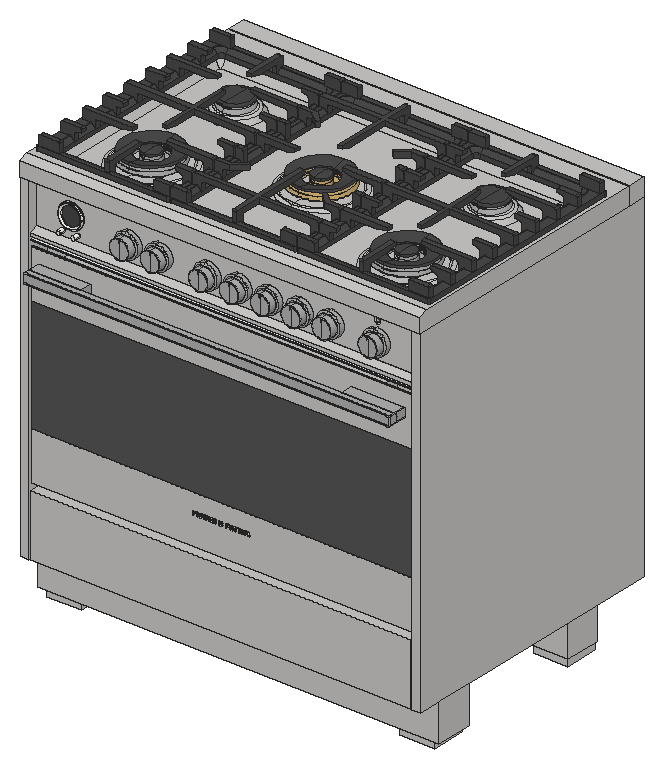
Revit family "FP_Revit_18_OR36SDG6X1_Range_90001022A", category Specialty Equipment, Revit 2018
Family settings
  Round Connector Dimension = Use Diameter
  Part Type = Normal
  OmniClass Number = 23.40.40.14.17.17
  OmniClass Title = Ranges
  Work Plane-Based = No
  Always vertical = Yes
  Cut with Voids When Loaded = Yes
  Shared = No
  Room Calculation Point = No
Parameters
  Visibility - Toe Kick Panel (Optional) = yes
  Visibility - Rear Trim 3"/76mm (Optional) = no
  Visibility - Rear Trim (Supplied) = yes
  Visibility - Clearance Required = yes
  Visibility - Adjustable Feet Covers = yes
  URL = "www.fisherpaykel.com"
  Product - Width = 911 mm  # constant formula
  Product - Height = 915 mm  # constant formula
  Product - Depth = 679.2 mm  # constant formula
  Optional - Toe Kick Panel = "KICKOR36X1"
  Optional - Rear Trim = "TKOR366X1"
  Model = "OR36SDG6X1"
  Material - Trim = Fisher & Paykel - Steel, Chrome Plated
  Material - Handle = Fisher & Paykel - Aluminium
  Material - Glass = Fisher & Paykel - Glass, Black
  Material - Door Front = Fisher & Paykel - Stainless Steel
  Material - Buttons and Dials = Fisher & Paykel - Aluminium
  Material - Burners & Trivets = Fisher & Paykel - Black, Matte
  Material - Body = Fisher & Paykel - Stainless Steel
  Manufacturer = "Fisher & Paykel Appliances"
  Keynote = ""
  Description = "36\" Contemporary Freestanding Dual Fuel Range (Stainless)"
  Countertop Height (min 908mm - max 933mm) = 908 mm
  Connector Description - Gas = "NG 1kPa (4\" WC), LPG 2.75 kPa (11\" WC), 1/2” NPT Minimum 5/8” dia. flex line"
  Connector Description - Electrical = "120/208 V or 120/240 V, 60 Hz, 30 A, Fused electrical supply"
  Clearance - Side Combustible = 300 mm  # constant formula
  Clearance - Rear Combustible = 300 mm  # constant formula
  Clearance - Overhead Rangehood = 762 mm  # constant formula
  Clearance - Overhead Non-Combustible = 762 mm  # constant formula
  Clearance - Overhead Combustible = 915 mm  # constant formula
  Chassis - Width = 911 mm  # constant formula
  Chassis - Height = 813.6 mm  # constant formula
  Chassis - Depth = 639 mm  # constant formula
  Cavity - Width = 914 mm  # constant formula
  Cavity - Height = 0 mm  # constant formula
  Cavity - Depth = 641 mm  # constant formula
Reference planes
  plane 1 "Datum": y = 0
  plane 2: z = 0
  plane 3 "Center (Left/Right)": x = 0
  plane 4 "Product Height": z = 916
  plane 5 "Product LHS": x = -455.5
  plane 6 "Product RHS": x = 455.5
  plane 7 "Cavity LHS": x = -457
  plane 8 "Cavity RHS": x = 457
  plane 9 "Product Depth": y = 639
  plane 10 "Cavity Depth": y = 641
  plane 11 "Dials": z = 813.4
  plane 12 "Countertop Height": z = 908
Forms (mm)
  Extrusion 1, solid, material "Fisher & Paykel - Stainless Steel" <- "Material - Body"
    sketch origin (0, 0, 0) x (0, 1, 0) y (0, 0, 1)
      loop
        line (50.7, 876) -> (50.7, 102.4) -> (566.5, 102.4) -> (566.5, 876) -> (50.7, 876)
    from -435.7 to 435.7
  Extrusion 2, solid, material "Fisher & Paykel - Stainless Steel" <- "Material - Body"
    sketch origin (0, 0, 0) x (0, 1, 0) y (0, 0, 1)
      loop
        line (19, 876) -> (19, 775.4) -> (50.7, 775.4) -> (50.7, 876) -> (19, 876)
    from -435.7 to 435.7
  Extrusion 3, solid, material "Fisher & Paykel - Stainless Steel" <- "Material - Body"
    sketch origin (0, 0, 0) x (0, 1, 0) y (0, 0, 1)
      loop
        line (31.59, 243.4) -> (1.5, 243.4) -> (1.5, 102.4) -> (31.59, 102.4) -> (31.59, 243.4)
    from -432 to 432
  Extrusion 4, solid, material "Fisher & Paykel - Clearance Required", visible <- "Visibility - Clearance Required", detail levels coarse
    sketch origin (0, 0, 0) x (0, 1, 0) y (0, 0, 1)
      loop
        line (0, 259.1) -> (0, 740.098)
        arc (0, 740.098) -> (-340.117, 599.217) -> (-480.998, 259.1) r 480.998
        line (-480.998, 259.1) -> (0, 259.1)
    from -457 to 457
  Extrusion 5, solid, material "Fisher & Paykel - Clearance Required", visible <- "Visibility - Clearance Required", detail levels coarse
    sketch origin (0, 0, 0) x (0, 1, 0) y (0, 0, 1)
      loop
        line (641, 0) -> (641, 916) -> (0, 916) -> (0, 0) -> (641, 0)
    from -457 to 457
  Extrusion 6, solid, material "Fisher & Paykel - Clearance Required (Combustible)", visible <- "Visibility - Clearance Required", detail levels coarse
    sketch origin (0, 0, 0) x (1, 0, 0) y (0, 1, 0)
      loop
        line (-457, 0) -> (-457, 641) -> (457, 641) -> (457, 0) -> (757, 0) -> (757, 941) -> (-757, 941) -> (-757, 0) -> (-457, 0)
    from 916 to 1373
  Extrusion 7, solid, material "Fisher & Paykel - Clearance Required (Combustible)", visible <- "Visibility - Clearance Required", detail levels coarse
    sketch origin (0, 0, 0) x (1, 0, 0) y (0, 1, 0)
      loop
        line (-457, 0) -> (457, 0) -> (457, 641) -> (-457, 641) -> (-457, 0)
    from 1831 to 1678
  Extrusion 8, solid, material "Fisher & Paykel - Clearance Required (Non-Combustible)", visible <- "Visibility - Clearance Required", detail levels coarse
    sketch origin (0, 0, 0) x (1, 0, 0) y (0, 1, 0)
      loop
        line (457, 641) -> (-457, 641) -> (-457, 0) -> (457, 0) -> (457, 641)
    from 916 to 1678
  Extrusion 9, solid, material "Fisher & Paykel - Clearance Required (Combustible)", visible <- "Visibility - Clearance Required", detail levels coarse
    sketch origin (0, 0, 0) x (1, 0, 0) y (0, 1, 0)
      loop
        line (-757, 0) -> (-457, 0) -> (-457, 311) -> (-757, 311) -> (-757, 0)
      loop
        line (757, 0) -> (757, 311) -> (457, 311) -> (457, 0) -> (757, 0)
    from 1373 to 1831
  Extrusion 10, solid, material "Fisher & Paykel - Stainless Steel" <- "Material - Body"
    sketch origin (0, 0, 0) x (0, 1, 0) y (0, 0, 1)
      loop
        line (0, 876) -> (0, 102.4) -> (634.5, 102.4) -> (634.5, 876) -> (0, 876)
    from 435.7 to 455.5
  Extrusion 11, solid, material "Fisher & Paykel - Stainless Steel" <- "Material - Body"
    sketch origin (0, 0, 0) x (0, 1, 0) y (0, 0, 1)
      loop
        line (0, 876) -> (0, 102.4) -> (634.5, 102.4) -> (634.5, 876) -> (0, 876)
    from -455.5 to -435.7
  Extrusion 12, solid, material "Fisher & Paykel - Stainless Steel" <- "Material - Body"
    sketch origin (0, 0, 0) x (0, 1, 0) y (0, 0, 1)
      loop
        line (50.7, 775.4) -> (19, 775.4) -> (2, 767.4) -> (2, 760.4) -> (50.7, 760.4) -> (50.7, 775.4)
    from -435.7 to 435.7
  Extrusion 13, solid, material "Fisher & Paykel - Steel, Chrome Plated" <- "Material - Trim", detail levels fine
    sketch origin (0, 0, 0) x (0, 1, 0) y (0, 0, 1)
      loop
        line (1.349, 755.4) -> (1.349, 753.4) -> (50.7, 753.4) -> (50.7, 755.4) -> (1.349, 755.4)
    from -435.7 to 435.7
  Extrusion 14, solid, material "Fisher & Paykel - Stainless Steel" <- "Material - Body"
    sketch origin (0, 0, 0) x (0, 1, 0) y (0, 0, 1)
      loop
        line (-1.5, 907.915) -> (-1.5, 876) -> (593.5, 876) -> (593.5, 916) -> (18.511, 916) -> (-1.5, 907.915)
    from -455.5 to 455.5
  Extrusion 15, solid, material "Fisher & Paykel - Stainless Steel" <- "Material - Body", visible <- "Visibility - Adjustable Feet Covers"
    sketch origin (0, 0, 0) x (1, 0, 0) y (0, 1, 0)
      loop
        line (-360.4, 137.7) -> (-442.5, 137.7) -> (-442.5, 55.7) -> (-360.4, 55.7) -> (-360.4, 137.7)
      loop
        line (-360.4, 516.7) -> (-442.482, 516.7) -> (-442.482, 434.7) -> (-360.4, 434.7) -> (-360.4, 516.7)
      loop
        line (360.4, 137.7) -> (360.4, 55.7) -> (442.5, 55.7) -> (442.5, 137.7) -> (360.4, 137.7)
      loop
        line (360.4, 516.7) -> (360.4, 434.7) -> (442.482, 434.7) -> (442.482, 516.7) -> (360.4, 516.7)
    from 16.7 to 102.4
  Extrusion 16, solid, material "Fisher & Paykel - Stainless Steel" <- "Material - Body", visible <- "Visibility - Adjustable Feet Covers"
    sketch origin (0, 0, 0) x (1, 0, 0) y (0, 1, 0)
      loop
        line (-362.4, 514.7) -> (-440.5, 514.7) -> (-440.5, 436.7) -> (-362.4, 436.7) -> (-362.4, 514.7)
      loop
        line (-362.4, 135.7) -> (-440.5, 135.7) -> (-440.5, 57.7) -> (-362.4, 57.7) -> (-362.4, 135.7)
      loop
        line (362.4, 514.7) -> (362.4, 436.7) -> (440.5, 436.7) -> (440.5, 514.7) -> (362.4, 514.7)
      loop
        line (362.4, 135.7) -> (362.4, 57.7) -> (440.5, 57.7) -> (440.5, 135.7) -> (362.4, 135.7)
    from 0 to 16.7
  Extrusion 17, solid, material "Fisher & Paykel - Stainless Steel" <- "Material - Body", visible <- "Visibility - Toe Kick Panel (Optional)"
    sketch origin (0, 0, 0) x (1, 0, 0) y (0, 1, 0)
      loop
        line (-442.5, 137.7) -> (-455.5, 137.7) -> (-455.5, 50.7) -> (455.5, 50.7) -> (455.5, 137.7) -> (442.5, 137.7) -> (442.5, 55.7) -> (-442.5, 55.7) -> (-442.5, 137.7)
    from 16.7 to 102.4
  Extrusion 18, solid, material "Fisher & Paykel - Glass, Black" <- "Material - Glass"
    sketch origin (0, 0, 0) x (1, 0, 0) y (0, 0, 1)
      loop
        line (-432, 258.5) -> (432, 258.5) -> (432, 740.7) -> (-432, 740.7) -> (-432, 258.5)
    from -7.845 to -3.8
  Extrusion 19, solid, material "Fisher & Paykel - Stainless Steel" <- "Material - Door Front"
    sketch origin (0, 0, 0) x (0, 1, 0) y (0, 0, 1)
      loop
        line (7.845, 738.371) -> (7.845, 266.1) -> (43.8, 266.1) -> (43.8, 734.592) -> (7.845, 738.371)
    from -365 to 365
  Extrusion 20, void
    sketch origin (0, 0, 0) x (1, 0, 0) y (0, 1, 0)
      loop
        arc (-409.8, 531.791) -> (-423.942, 525.933) -> (-429.8, 511.791) r 20
        line (-429.8, 511.791) -> (-429.8, 66.2)
        arc (-429.8, 66.2) -> (-422.478, 48.522) -> (-404.8, 41.2) r 25
        line (-404.8, 41.2) -> (404.8, 41.2)
        arc (404.8, 41.2) -> (422.478, 48.522) -> (429.8, 66.2) r 25
        line (429.8, 66.2) -> (429.8, 505.59)
        arc (429.8, 505.59) -> (422.126, 524.117) -> (403.6, 531.791) r 26.2
        line (403.6, 531.791) -> (-409.8, 531.791)
    from 876 to 916
  Extrusion 21, solid, material "Fisher & Paykel - Stainless Steel" <- "Material - Body", visible <- "Visibility - Rear Trim 3"/76mm (Optional)"
    sketch origin (0, 0, 0) x (0, 1, 0) y (0, 0, 1)
      loop
        line (582.5, 992) -> (582.5, 916) -> (593.5, 916) -> (593.5, 876) -> (634.5, 876) -> (634.5, 992) -> (582.5, 992)
    from -455.5 to 455.5
  Revolve 22, solid, material "Fisher & Paykel - Stainless Steel" <- "Material - Body", detail levels fine
    sketch origin (-290.104, 3.75, 0) x (0, 1, 0) y (0, 0, 1)
      loop
        line (163, 886) -> (163, 890) -> (84.905, 890)
        arc (84.905, 890) -> (83.174, 889.81) -> (81.524, 889.25) r 8
        line (81.524, 889.25) -> (74.554, 886) -> (163, 886)
      axis (163, 886) -> (163, 890)
    angle from 0 to 360
  Revolve 23, solid, material "Fisher & Paykel - Stainless Steel" <- "Material - Body", detail levels fine
    sketch origin (-290.104, -6.25, 0) x (0, 1, 0) y (0, 0, 1)
      loop
        line (414.1, 900.049) -> (372.389, 900.049)
        arc (372.389, 900.049) -> (368.674, 899.135) -> (365.808, 896.599) r 8
        line (365.808, 896.599) -> (358.481, 886) -> (414.1, 886) -> (414.1, 900.049)
      axis (414.1, 886) -> (414.1, 900.049)
    angle from 0 to 360
  Extrusion 24, void
    sketch origin (0, 0, 0) x (1, 0, 0) y (0, 0, 1)
      loop
        line (351.8, 230) -> (-435.7, 230) -> (-435.7, 101.4) -> (435.7, 101.4) -> (435.7, 876) -> (351.8, 876) -> (351.8, 230)
    from -604 to -519.5
  Extrusion 25, solid, material "Fisher & Paykel - Stainless Steel" <- "Material - Body", detail levels medium+fine
    sketch origin (0, 0, 0) x (1, 0, 0) y (0, 1, 0)
      loop
        circle (-370, 550.5) r 6
    from 130 to 230
  Extrusion 26, solid, material "Fisher & Paykel - Stainless Steel" <- "Material - Body"
    sketch origin (0, 0, 0) x (1, 0, 0) y (0, 0, 1)
      loop
        circle (-420.064, 905.06) r 4.009
      loop
        circle (-420.064, 905.06) r 7.491
      loop
        circle (420.064, 905.06) r 4.009
      loop
        circle (420.064, 905.06) r 7.491
    from -639 to -634.5
  Extrusion 27, solid, material "Fisher & Paykel - Stainless Steel" <- "Material - Body"
    sketch origin (0, 0, 0) x (1, 0, 0) y (0, 0, 1)
      loop
        line (273, 876) -> (-273, 876) -> (-273, 688) -> (273, 688) -> (273, 876)
    from -616.5 to -566.5
  Extrusion 28, solid, material "Fisher & Paykel - Stainless Steel" <- "Material - Body"
    sketch origin (0, 0, 0) x (1, 0, 0) y (0, 0, 1)
      loop
        line (-315.2, 360) -> (-435.7, 360) -> (-435.7, 230) -> (-315.2, 230) -> (-315.2, 360)
    from -587.5 to -566.5
  Extrusion 29, solid, material "Fisher & Paykel - Stainless Steel" <- "Material - Body"
    sketch origin (0, 0, 1000) x (1, 0, 0) y (0, 0, 1)
      loop
        line (227.779, -401.6) -> (-317.779, -401.6)
        arc (-317.779, -401.6) -> (-387.07, -447.899) -> (-370.812, -529.633) r 75
        line (-370.812, -529.633) -> (-244.954, -655.491)
        arc (-244.954, -655.491) -> (-227.111, -667.413) -> (-206.064, -671.6) r 55
        line (-206.064, -671.6) -> (116.064, -671.6)
        arc (116.064, -671.6) -> (137.111, -667.413) -> (154.954, -655.491) r 55
        line (154.954, -655.491) -> (280.812, -529.633)
        arc (280.812, -529.633) -> (297.07, -447.899) -> (227.779, -401.6) r 75
    from -578.5 to -566.5
  Revolve 30, solid, material "Fisher & Paykel - Stainless Steel" <- "Material - Body", detail levels fine
    sketch origin (290.104, 3.75, 0) x (0, 1, 0) y (0, 0, -1)
      loop
        line (163, -886) -> (74.554, -886) -> (81.524, -889.25)
        arc (81.524, -889.25) -> (83.174, -889.81) -> (84.905, -890) r 8
        line (84.905, -890) -> (163, -890) -> (163, -886)
      axis (163, -886) -> (163, -890)
    angle from 0 to 360
  Revolve 31, solid, material "Fisher & Paykel - Stainless Steel" <- "Material - Body", detail levels fine
    sketch origin (290.104, -6.25, 0) x (0, 1, 0) y (0, 0, -1)
      loop
        line (414.1, -900.049) -> (414.1, -886) -> (358.481, -886) -> (365.808, -896.599)
        arc (365.808, -896.599) -> (368.674, -899.135) -> (372.389, -900.049) r 8
        line (372.389, -900.049) -> (414.1, -900.049)
      axis (414.1, -886) -> (414.1, -900.049)
    angle from 0 to 360
  Revolve 32, solid, material "Fisher & Paykel - Stainless Steel" <- "Material - Body", detail levels fine
    sketch origin (0, 123.75, 0) x (0, 1, 0) y (0, 0, 1)
      loop
        line (163, 886) -> (163, 890) -> (84.905, 890)
        arc (84.905, 890) -> (83.174, 889.81) -> (81.524, 889.25) r 8
        line (81.524, 889.25) -> (74.554, 886) -> (163, 886)
      axis (163, 886) -> (163, 890)
    angle from 0 to 360
  Extrusion 33, solid, material "Fisher & Paykel - Stainless Steel" <- "Material - Body", detail levels medium+fine
    sketch origin (0, 0, 0) x (1, 0, 0) y (0, 0, 1)
      loop
        arc (159.044, 213.6) -> (155.509, 212.136) -> (154.044, 208.6) r 5
        line (154.044, 208.6) -> (154.044, 158.6)
        arc (154.044, 158.6) -> (155.509, 155.064) -> (159.044, 153.6) r 5
        line (159.044, 153.6) -> (208.84, 153.6)
        arc (208.84, 153.6) -> (212.375, 155.064) -> (213.84, 158.6) r 5
        line (213.84, 158.6) -> (213.84, 208.6)
        arc (213.84, 208.6) -> (212.375, 212.136) -> (208.84, 213.6) r 5
        line (208.84, 213.6) -> (159.044, 213.6)
    from -556.873 to -549.515
  Revolve 34, solid, material "Fisher & Paykel - Stainless Steel" <- "Material - Body", detail levels medium+fine
    sketch origin (0, 569.5, 0) x (1, 0, 0) y (0, 0, 1)
      loop
        line (145.68, 184.077) -> (245, 184.077) -> (245, 197.6) -> (232, 197.6) -> (232, 194.081) -> (222, 194.081) -> (222, 201.65) -> (210, 201.65) -> (210, 194.85) -> (157.68, 194.85) -> (157.68, 201.65) -> (145.68, 201.65) -> (145.68, 184.077)
      axis (145.68, 184.077) -> (245, 184.077)
    angle from 0 to 360
  Extrusion 35, solid, material "Fisher & Paykel - Stainless Steel" <- "Material - Body", detail levels medium+fine
    sketch origin (0, 0, 1000) x (1, 0, 0) y (0, 0, 1)
      loop
        circle (183.596, -816.4) r 26.954
    from -565.952 to -556.873
  Extrusion 36, solid, material "Fisher & Paykel - Stainless Steel" <- "Material - Body"
    sketch origin (0, 0, 0) x (1, 0, 0) y (0, 0, 1)
      loop
        circle (395, 709.093) r 34.119
    from -590 to -570.221
  Extrusion 37, solid, material "Fisher & Paykel - Stainless Steel" <- "Material - Body"
    sketch origin (0, 0, 0) x (1, 0, 0) y (0, 0, 1)
      loop
        circle (395, 709.093) r 10
    from -616.5 to -590
  Revolve 38, solid, material "Fisher & Paykel - Stainless Steel" <- "Material - Body", detail levels medium+fine
    sketch origin (0, 569.346, 0) x (1, 0, 0) y (0, 0, 1)
      loop
        line (395, 751.6) -> (395, 666.6) -> (413.153, 666.6) -> (413.153, 686.6) -> (406.654, 686.6) -> (406.654, 731.6) -> (413.153, 731.6) -> (413.153, 751.6) -> (395, 751.6)
      axis (395, 751.6) -> (395, 666.6)
    angle from 0 to 360
  Sweep 39, solid, material "Fisher & Paykel - Stainless Steel" <- "Material - Body"
    path origin (395, 0, 0) x (0, 1, 0) y (0, 0, 1)
      loop
        line (569.499, 211.575) -> (569.499, 832.583)
        arc (569.499, 832.583) -> (562.465, 849.566) -> (545.482, 856.6) r 24.017
        line (545.482, 856.6) -> (519.5, 856.6)
    profile origin (395, 532.491, 856.6) x (0, 0, -1) y (1, 0, 0)
      loop
        circle (0, 0) r 8
  Sweep 40, solid, material "Fisher & Paykel - Stainless Steel" <- "Material - Body", detail levels medium+fine
    path origin (0, 569.5, 0) x (1, 0, 0) y (0, 0, 1)
      loop
        line (245, 184.077) -> (367.503, 184.077)
        arc (367.503, 184.077) -> (386.946, 192.131) -> (395, 211.575) r 27.497
    profile origin (306.252, 569.5, 184.077) x (0, 0, 1) y (0, -1, 0)
      loop
        circle (0, 0) r 8
  Sweep 41, solid, material "Fisher & Paykel - Stainless Steel" <- "Material - Body", detail levels medium+fine
    path in 3D
      loop
        arc (403.6, 531.791, 916) -> (422.126, 524.117, 916) -> (429.8, 505.59, 916) r 26.2
        line (429.8, 505.59, 916) -> (429.8, 66.2, 916)
        arc (429.8, 66.2, 916) -> (422.478, 48.522, 916) -> (404.8, 41.2, 916) r 25
        line (404.8, 41.2, 916) -> (-404.8, 41.2, 916)
        arc (-404.8, 41.2, 916) -> (-422.478, 48.522, 916) -> (-429.8, 66.2, 916) r 25
        line (-429.8, 66.2, 916) -> (-429.8, 511.791, 916)
        arc (-429.8, 511.791, 916) -> (-423.942, 525.933, 916) -> (-409.8, 531.791, 916) r 20
        line (-409.8, 531.791, 916) -> (403.6, 531.791, 916)
    profile origin (-3.1, 531.791, 916) x (0, 1, 0) y (0, 0, 1)
      loop
        line (0, 0) -> (-17.321, -30) -> (0, -30) -> (0, 0)
  Extrusion 42, solid, material "Fisher & Paykel - Stainless Steel" <- "Material - Body"
    sketch origin (0, 0, 0) x (0, 1, 0) y (0, 0, 1)
      loop
        line (641, 151) -> (634.5, 151) -> (603.701, 13) -> (486.3, 13) -> (486.3, 0) -> (641, 0) -> (641, 151)
    from -27.25 to 27.25
  Extrusion 43, solid, material "Fisher & Paykel - Stainless Steel" <- "Material - Body"
    sketch origin (0, 0, 0) x (1, 0, 0) y (0, 1, 0)
      loop
        circle (0, 514.309) r 5
    from 13 to 43.9
  Extrusion 44, solid, material "Fisher & Paykel - Stainless Steel" <- "Material - Body"
    sketch origin (0, 0, 0) x (0, 1, 0) y (0, 0, 1)
      loop
        line (486.3, 102.4) -> (486.3, 43.9) -> (519.5, 43.9) -> (519.5, 102.4) -> (486.3, 102.4)
    from -27.25 to 27.25
  Extrusion 45, solid, material "Fisher & Paykel - Stainless Steel" <- "Material - Body"
    sketch origin (0, 0, 0) x (1, 0, 0) y (0, 1, 0)
      loop
        circle (-401.482, 475.7) r 25
      loop
        circle (-401.5, 96.7) r 25
      loop
        circle (401.482, 475.7) r 25
      loop
        circle (401.5, 96.7) r 25
    from 0 to 102.4
  Extrusion 46, solid, material "Fisher & Paykel - Stainless Steel" <- "Material - Body", visible <- "Visibility - Rear Trim (Supplied)"
    sketch origin (0, 0, 0) x (0, 1, 0) y (0, 0, 1)
      loop
        line (593.5, 916) -> (593.5, 876) -> (634.5, 876) -> (634.5, 916) -> (593.5, 916)
    from -455.5 to 455.5
  Revolve 47, void
    sketch origin (342.986, 0, 0) x (0, 1, 0) y (0, 0, 1)
      loop
        line (20.94, 860.737) -> (19, 862.677) -> (19, 855.456) -> (25.94, 855.456) -> (25.94, 860.737) -> (20.94, 860.737)
      axis (25.94, 855.456) -> (19, 855.456)
    angle from 0 to 360
  Extrusion 48, solid, material "Fisher & Paykel - Bezel Red", detail levels medium+fine
    sketch origin (0, 0, 0) x (1, 0, 0) y (0, 0, 1)
      loop
        circle (342.986, 855.456) r 5.281
    from -25.94 to -20.94
  Extrusion 49, solid, material "Fisher & Paykel - Stainless Steel" <- "Material - Door Front"
    sketch origin (0, 0, 0) x (0, 1, 0) y (0, 0, 1)
      loop
        line (2.8, 258.5) -> (3.8, 258.5) -> (3.8, 369.471) -> (2.8, 369.471) -> (2.8, 258.5)
      loop
        line (2.8, 630.7) -> (3.8, 630.7) -> (3.8, 740.7) -> (2.8, 740.7) -> (2.8, 630.7)
    from -432 to 432
  Extrusion 50, void
    sketch origin (0, 0, 0) x (0, 1, 0) y (0, 0, 1)
      loop
        line (641, 0) -> (641, 916) -> (-40, 916) -> (-40, 0) -> (641, 0)
    from -457 to 457
Cuts and joins
  Extrusion 20, Extrusion 24 cuts Extrusion 1
  Extrusion 20, Revolve 47 cuts Extrusion 5
  Extrusion 20 cuts Extrusion 15
  Extrusion 20 cuts Extrusion 16
  Extrusion 20 cuts Extrusion 17
  Extrusion 20 cuts Extrusion 14
  Revolve 47 cuts Extrusion 2
Lines and regions (mm)
  model lines
    curve 1: line (0, -18.2, 813.4) -> (0, 96.8, 813.4)
  sketch lines
    curve 2: line (-409.8, 531.791, 916) -> (403.6, 531.791, 916)
    curve 3: arc (-409.8, 531.791, 916) -> (-423.942, 525.933, 916) -> (-429.8, 511.791, 916) r 20
    curve 4: line (-429.8, 66.2, 916) -> (-429.8, 511.791, 916)
    curve 5: arc (-429.8, 66.2, 916) -> (-422.478, 48.522, 916) -> (-404.8, 41.2, 916) r 25
    curve 6: line (404.8, 41.2, 916) -> (-404.8, 41.2, 916)
    curve 7: arc (404.8, 41.2, 916) -> (422.478, 48.522, 916) -> (429.8, 66.2, 916) r 25
    curve 8: line (429.8, 505.59, 916) -> (429.8, 66.2, 916)
    curve 9: arc (429.8, 505.59, 916) -> (422.126, 524.117, 916) -> (403.6, 531.791, 916) r 26.2
Text (mm)
  text "Due to ongoing product development, product details are subject to change without notice. \nPlease always refer to www.fisherpaykel.com for the most current product information. \n© Fisher & Paykel 2020" at (41.04, -538.764, 0), in view "Ref. Level (Plan)"
Dimensions and locks
  equal spacing: plane 5 "Product LHS", plane 3 "Center (Left/Right)", plane 6 "Product RHS"
  "Product - Width": plane 5 "Product LHS" to plane 6 "Product RHS"
  equal spacing: plane 7 "Cavity LHS", plane 3 "Center (Left/Right)", plane 8 "Cavity RHS"
  "Cavity - Width": plane 7 "Cavity LHS" to plane 8 "Cavity RHS"
  locked: plane 4 "Product Height" to nested 1 at 592.51
  "Chassis - Depth": plane 1 "Datum" to plane 9 "Product Depth"
  "Cavity - Depth": plane 1 "Datum" to plane 10 "Cavity Depth"
  "Clearance - Side Combustible": Extrusion 6 sketch curve to Extrusion 5
  "Clearance - Side Combustible": Extrusion 5 to Extrusion 6 sketch curve
  "Clearance - Rear Combustible": plane 10 "Cavity Depth" to Extrusion 6 sketch curve
  Extrusion 6 to plane 4 "Product Height" = 457 mm
  Extrusion 7 to plane 4 "Product Height" = 762 mm
  Extrusion 8 to plane 4 "Product Height" = 762 mm
  Extrusion 9 sketch curve to plane 10 "Cavity Depth" = 330 mm
  locked: Extrusion 6 to plane 4 "Product Height" at 457
  locked: Extrusion 9 to Extrusion 8 at 330
  locked: plane 4 "Product Height" to Extrusion 10 at 40
  plane 5 "Product LHS" to Extrusion 15 sketch curve = 95.1 mm
  locked: plane 4 "Product Height" to Extrusion 10 at 813.6  (x2)
  equal spacing: cut or joined group of Extrusion 14, Extrusion 20, plane 3 "Center (Left/Right)", cut or joined group of Extrusion 14, Extrusion 20
  locked: Extrusion 6 to plane 11 "Dials" at 102.6
  Extrusion 6 to nested 2 = 18.8 mm
  locked: nested 11 to plane 11 "Dials" at 10.019
  plane 4 "Product Height" to Extrusion 13 = 160.6 mm
  locked: plane 4 "Product Height" to plane 11 "Dials" at 102.6
  locked: Extrusion 19 to plane 4 "Product Height" at 649.9
  cut or joined group of Extrusion 1, Extrusion 20, Extrusion 24 to plane 11 "Dials" = 711 mm
  cut or joined group of Extrusion 1, Extrusion 20, Extrusion 24 to cut or joined group of Extrusion 1, Extrusion 20, Extrusion 24 = 127.6 mm
  locked: plane 4 "Product Height" to nested 2 at 22.879
  locked: plane 4 "Product Height" to nested 3 at 13
  Extrusion 8 to Extrusion 9 = 311 mm
  locked: cut or joined group of Extrusion 17, Extrusion 20 to Extrusion 10 at 85.7
  locked: cut or joined group of Extrusion 15, Extrusion 20 to Extrusion 10 at 85.7
  locked: cut or joined group of Extrusion 1, Extrusion 20, Extrusion 24 to Extrusion 10 at 127.6
  locked: Extrusion 27 to Extrusion 6 at 228
  locked: Revolve 38 to plane 4 "Product Height" at 249.4
  locked: plane 4 "Product Height" to Sweep 41 at 30  (x2)
  locked: plane 4 "Product Height" to Extrusion 12 at 155.6
  Extrusion 3 sketch curve to Extrusion 3 sketch curve = 141 mm
  locked: Extrusion 27 to plane 4 "Product Height" at 228
  locked: Extrusion 28 to plane 4 "Product Height" at 556
  locked: Extrusion 42 sketch curve to level at 151
  locked: Extrusion 25 to cut or joined group of Extrusion 1, Extrusion 20, Extrusion 24 at 100
  locked: Sweep 39 sketch curve to Extrusion 6 at 704.425
  locked: cut or joined group of Extrusion 15, Extrusion 20 to Extrusion 11 at 85.7
  locked: Extrusion 29 sketch curve to plane 4 "Product Height" at 317.6
  locked: cut or joined group of Extrusion 1, Extrusion 20, Extrusion 24 to plane 4 "Product Height" at 686
  locked: Revolve 34 sketch curve to plane 4 "Product Height" at 731.923
  locked: Extrusion 33 sketch curve to Extrusion 33 sketch curve at 60
  locked: Extrusion 33 sketch curve to plane 4 "Product Height" at 762.4
  locked: Extrusion 35 sketch curve to plane 4 "Product Height" at 732.4
  locked: Extrusion 6 to cut or joined group of Extrusion 15, Extrusion 20 at 813.6
  locked: Extrusion 44 to Extrusion 10 at 58.5
  locked: Extrusion 25 to Extrusion 10 at 127.6
  locked: plane 4 "Product Height" to Extrusion 4 at 656.9
  locked: plane 12 "Countertop Height" to plane 4 "Product Height" at 8
  locked: Sweep 41 to plane 4 "Product Height" at 30
  "Countertop Height (min 908mm - max 933mm)": level to plane 12 "Countertop Height"
  locked: plane 4 "Product Height" to cut or joined group of Extrusion 5, Extrusion 20, Revolve 47 at 40
  "Clearance - Overhead Non-Combustible": Extrusion 8 to plane 4 "Product Height"
  "Clearance - Overhead Combustible": Extrusion 7 to plane 4 "Product Height"
  locked: Extrusion 33 to plane 4 "Product Height" at 702.4
  locked: Sweep 40 sketch curve to Sweep 39 at 27.497
  locked: Extrusion 9 to Extrusion 7
  Extrusion 7 to Extrusion 9 = 311 mm
  locked: Extrusion 3 to plane 4 "Product Height" at 813.6
  locked: plane 4 "Product Height" to Extrusion 3 at 672.6
  locked: plane 4 "Product Height" to Extrusion 49 at 546.529
  locked: Extrusion 49 to plane 4 "Product Height" at 285.3
  locked: plane 4 "Product Height" to Extrusion 18 at 175.3
  locked: Extrusion 18 to plane 4 "Product Height" at 657.5
  locked: nested 13 to plane 11 "Dials" at 27.732
  locked: nested 10 to plane 11 "Dials" at 27.732
  locked: nested 9 to plane 11 "Dials" at 27.732
  locked: nested 8 to plane 11 "Dials" at 27.732
  locked: nested 7 to plane 11 "Dials" at 27.732
  locked: nested 6 to plane 11 "Dials" at 27.732
  locked: nested 5 to plane 11 "Dials" at 27.732
  locked: nested 4 to plane 11 "Dials" at 27.732
  locked: plane 4 "Product Height" to nested 19 at 204.337
  "Product - Depth": nested 19 to plane 9 "Product Depth"
  "Cavity - Depth": Extrusion 9 to plane 10 "Cavity Depth"
  "Chassis - Depth": Extrusion 9 to plane 9 "Product Depth"
  "Clearance - Side Combustible": Extrusion 4 to Extrusion 6
  "Clearance - Side Combustible": Extrusion 6 to Extrusion 4
  "Clearance - Rear Combustible": plane 10 "Cavity Depth" to Extrusion 6
  aligned and locked: level to plane 2
  aligned and locked: Extrusion 5 sketch curve to plane 4 "Product Height"
  aligned and locked: Extrusion 5 to plane 8 "Cavity RHS"
  aligned and locked: Extrusion 5 to plane 7 "Cavity LHS"
  aligned and locked: Extrusion 6 sketch curve to plane 8 "Cavity RHS"
  aligned and locked: Extrusion 6 sketch curve to plane 7 "Cavity LHS"
  aligned and locked: Extrusion 5 to Extrusion 7 sketch curve
  aligned and locked: Extrusion 8 sketch curve to Extrusion 5
  aligned and locked: Extrusion 5 to Extrusion 8 sketch curve
  aligned and locked: Extrusion 9 sketch curve to Extrusion 9 sketch curve
  aligned and locked: Extrusion 5 to Extrusion 9 sketch curve
  aligned and locked: cut or joined group of Extrusion 1, Extrusion 20, Extrusion 24 to Extrusion 2  (x2)
  aligned and locked: Extrusion 10 sketch curve to plane 1 "Datum"
  aligned and locked: Extrusion 2 to Extrusion 12
  aligned and locked: Extrusion 2 to Extrusion 13
  aligned and locked: Extrusion 12 to Extrusion 2
  aligned and locked: Extrusion 13 to Extrusion 2
  aligned and locked: Extrusion 16 to level
  aligned and locked: Extrusion 16 to Extrusion 15
  aligned and locked: plane 5 "Product LHS" to Extrusion 17 sketch curve
  aligned and locked: Extrusion 17 sketch curve to Extrusion 15
  aligned and locked: Extrusion 17 sketch curve to Extrusion 2
  aligned and locked: Extrusion 17 sketch curve to plane 6 "Product RHS"
  aligned and locked: plane 4 "Product Height" to Extrusion 20
  aligned and locked: Extrusion 21 to plane 6 "Product RHS"
  aligned and locked: plane 5 "Product LHS" to Extrusion 21
  aligned and locked: Extrusion 26 to plane 9 "Product Depth"
  aligned and locked: Extrusion 4 to plane 8 "Cavity RHS"
  aligned and locked: plane 7 "Cavity LHS" to Extrusion 4
  aligned and locked: Extrusion 17 to cut or joined group of Extrusion 15, Extrusion 20
  aligned and locked: plane 10 "Cavity Depth" to Extrusion 7
  aligned and locked: Extrusion 6 sketch curve to plane 10 "Cavity Depth"
  aligned and locked: Extrusion 14 to plane 5 "Product LHS"
  aligned and locked: Extrusion 14 to plane 6 "Product RHS"
  aligned and locked: Extrusion 11 to cut or joined group of Extrusion 1, Extrusion 20, Extrusion 24
  aligned and locked: cut or joined group of Extrusion 1, Extrusion 20, Extrusion 24 to Extrusion 44 sketch curve
  aligned and locked: Extrusion 43 to Extrusion 44
  aligned and locked: Extrusion 9 to Extrusion 6  (x2)
  aligned and locked: Extrusion 6 to Extrusion 9
  aligned and locked: Extrusion 45 to cut or joined group of Extrusion 1, Extrusion 20, Extrusion 24
  aligned and locked: Extrusion 8 to plane 4 "Product Height"
  aligned and locked: Extrusion 7 to Extrusion 8
  aligned and locked: Sweep 40 sketch curve to Sweep 39
  aligned and locked: Extrusion 18 to Extrusion 49
  aligned and locked: Extrusion 49 to Extrusion 18
  aligned and locked: Extrusion 17 to cut or joined group of Extrusion 1, Extrusion 20, Extrusion 24
Automatic sketch dimensions
  plane 11 "Dials" to curve 1 = 0 mm
  plane 1 "Datum" to curve 1 = 18.2 mm
  curve 1 to plane 1 "Datum" = 96.8 mm
  Extrusion 1 sketch curve to plane 1 "Datum" = 50.7 mm
  plane 9 "Product Depth" to Extrusion 1 sketch curve = 72.5 mm
  level to Extrusion 1 sketch curve = 102.4 mm
  plane 12 "Countertop Height" to Extrusion 1 sketch curve = 32 mm
  Extrusion 2 sketch curve to plane 1 "Datum" = 19 mm
  Extrusion 2 sketch curve to Extrusion 2 sketch curve = 31.7 mm
  plane 11 "Dials" to Extrusion 2 sketch curve = 38 mm
  plane 12 "Countertop Height" to Extrusion 2 sketch curve = 32 mm
  Extrusion 3 sketch curve to plane 1 "Datum" = 1.5 mm
  Extrusion 3 sketch curve to Extrusion 3 sketch curve = 30.09 mm
  level to Extrusion 3 sketch curve = 102.4 mm
  Extrusion 4 sketch curve to plane 1 "Datum" = 0 mm
  Extrusion 4 sketch curve to Extrusion 4 sketch curve = 480.998 mm
  level to Extrusion 4 sketch curve = 259.1 mm
  Extrusion 5 sketch curve to level = 0 mm
  Extrusion 5 sketch curve to plane 1 "Datum" = 0 mm
  Extrusion 5 sketch curve to plane 10 "Cavity Depth" = 0 mm
  Extrusion 7 sketch curve to plane 8 "Cavity RHS" = 0 mm
  plane 1 "Datum" to Extrusion 7 sketch curve = 0 mm
  plane 10 "Cavity Depth" to Extrusion 7 sketch curve = 0 mm
  Extrusion 8 sketch curve to plane 7 "Cavity LHS" = 0 mm
  plane 1 "Datum" to Extrusion 8 sketch curve = 0 mm
  plane 1 "Datum" to Extrusion 9 sketch curve = 0 mm  (x2)
  Extrusion 9 sketch curve to plane 7 "Cavity LHS" = 0 mm
  plane 7 "Cavity LHS" to Extrusion 9 sketch curve = 300 mm
  Extrusion 9 sketch curve to plane 8 "Cavity RHS" = 300 mm
  plane 9 "Product Depth" to Extrusion 10 sketch curve = 4.5 mm
  level to Extrusion 10 sketch curve = 102.4 mm
  plane 12 "Countertop Height" to Extrusion 10 sketch curve = 32 mm
  Extrusion 11 sketch curve to plane 1 "Datum" = 0 mm
  plane 9 "Product Depth" to Extrusion 11 sketch curve = 4.5 mm
  level to Extrusion 11 sketch curve = 102.4 mm
  plane 12 "Countertop Height" to Extrusion 11 sketch curve = 32 mm
  Extrusion 12 sketch curve to plane 1 "Datum" = 2 mm
  Extrusion 12 sketch curve to Extrusion 12 sketch curve = 17 mm
  Extrusion 12 sketch curve to Extrusion 12 sketch curve = 31.7 mm
  plane 11 "Dials" to Extrusion 12 sketch curve = 53 mm
  Extrusion 12 sketch curve to Extrusion 12 sketch curve = 7 mm
  Extrusion 12 sketch curve to Extrusion 12 sketch curve = 15 mm
  Extrusion 13 sketch curve to plane 1 "Datum" = 1.349 mm
  Extrusion 13 sketch curve to Extrusion 13 sketch curve = 49.351 mm
  plane 11 "Dials" to Extrusion 13 sketch curve = 60 mm
  Extrusion 13 sketch curve to Extrusion 13 sketch curve = 2 mm
  Extrusion 14 sketch curve to plane 4 "Product Height" = 0 mm
  plane 1 "Datum" to Extrusion 14 sketch curve = 1.5 mm
  Extrusion 14 sketch curve to plane 1 "Datum" = 18.511 mm
  plane 9 "Product Depth" to Extrusion 14 sketch curve = 45.5 mm
  plane 12 "Countertop Height" to Extrusion 14 sketch curve = 0.085 mm
  plane 12 "Countertop Height" to Extrusion 14 sketch curve = 32 mm
  Extrusion 15 sketch curve to plane 5 "Product LHS" = 13.018 mm
  Extrusion 15 sketch curve to plane 5 "Product LHS" = 13 mm
  Extrusion 15 sketch curve to Extrusion 15 sketch curve = 82.081 mm
  plane 6 "Product RHS" to Extrusion 15 sketch curve = 95.1 mm  (x2)
  plane 6 "Product RHS" to Extrusion 15 sketch curve = 13.018 mm
  plane 6 "Product RHS" to Extrusion 15 sketch curve = 13 mm
  Extrusion 15 sketch curve to plane 1 "Datum" = 55.7 mm  (x2)
  Extrusion 15 sketch curve to Extrusion 15 sketch curve = 82 mm  (x4)
  plane 9 "Product Depth" to Extrusion 15 sketch curve = 204.3 mm  (x2)
  Extrusion 16 sketch curve to plane 5 "Product LHS" = 15 mm  (x2)
  Extrusion 16 sketch curve to Extrusion 16 sketch curve = 78.1 mm  (x2)
  plane 6 "Product RHS" to Extrusion 16 sketch curve = 93.1 mm  (x2)
  plane 6 "Product RHS" to Extrusion 16 sketch curve = 15 mm  (x2)
  Extrusion 16 sketch curve to plane 1 "Datum" = 57.7 mm  (x2)
  Extrusion 16 sketch curve to Extrusion 16 sketch curve = 78 mm  (x4)
  plane 9 "Product Depth" to Extrusion 16 sketch curve = 202.3 mm  (x2)
  Extrusion 17 sketch curve to plane 5 "Product LHS" = 13 mm
  plane 6 "Product RHS" to Extrusion 17 sketch curve = 13 mm
  Extrusion 17 sketch curve to Extrusion 17 sketch curve = 82 mm  (x2)
  Extrusion 18 sketch curve to plane 5 "Product LHS" = 23.5 mm
  plane 6 "Product RHS" to Extrusion 18 sketch curve = 23.5 mm
  level to Extrusion 18 sketch curve = 258.5 mm
  plane 11 "Dials" to Extrusion 18 sketch curve = 72.7 mm
  Extrusion 19 sketch curve to plane 1 "Datum" = 7.845 mm
  Extrusion 19 sketch curve to Extrusion 19 sketch curve = 35.955 mm
  level to Extrusion 19 sketch curve = 266.1 mm
  plane 11 "Dials" to Extrusion 19 sketch curve = 78.808 mm
  Extrusion 19 sketch curve to Extrusion 19 sketch curve = 3.779 mm
  Extrusion 20 sketch curve to plane 5 "Product LHS" = 25.7 mm
  Extrusion 20 sketch curve to Extrusion 20 sketch curve = 20 mm
  Extrusion 20 sketch curve to Extrusion 20 sketch curve = 25 mm
  plane 6 "Product RHS" to Extrusion 20 sketch curve = 51.9 mm
  plane 6 "Product RHS" to Extrusion 20 sketch curve = 50.7 mm
  plane 6 "Product RHS" to Extrusion 20 sketch curve = 25.7 mm
  Extrusion 20 sketch curve to plane 1 "Datum" = 41.2 mm
  plane 9 "Product Depth" to Extrusion 20 sketch curve = 133.41 mm
  Extrusion 21 sketch curve to plane 4 "Product Height" = 0 mm
  plane 9 "Product Depth" to Extrusion 21 sketch curve = 56.5 mm
  Extrusion 21 sketch curve to Extrusion 21 sketch curve = 11 mm
  plane 9 "Product Depth" to Extrusion 21 sketch curve = 4.5 mm
  plane 12 "Countertop Height" to Extrusion 21 sketch curve = 32 mm
  plane 4 "Product Height" to Extrusion 21 sketch curve = 76 mm
  plane 12 "Countertop Height" to Revolve 22 sketch curve = 22 mm
  Revolve 22 sketch curve to plane 1 "Datum" = 78.304 mm
  plane 12 "Countertop Height" to Revolve 22 sketch curve = 18.75 mm
  Revolve 22 sketch curve to Revolve 22 sketch curve = 6.971 mm
  Revolve 22 sketch curve to Revolve 22 sketch curve = 3.381 mm
  Revolve 22 sketch curve to Revolve 22 sketch curve = 78.095 mm
  Revolve 22 sketch curve to Revolve 22 sketch curve = 7.25 mm
  Revolve 22 sketch curve to Revolve 22 sketch curve = 0 mm  (x2)
  plane 12 "Countertop Height" to Revolve 22 sketch curve = 7 mm
  plane 12 "Countertop Height" to Revolve 23 sketch curve = 22 mm
  plane 9 "Product Depth" to Revolve 23 sketch curve = 286.769 mm
  plane 12 "Countertop Height" to Revolve 23 sketch curve = 11.401 mm
  Revolve 23 sketch curve to Revolve 23 sketch curve = 7.328 mm
  Revolve 23 sketch curve to Revolve 23 sketch curve = 6.58 mm
  plane 12 "Countertop Height" to Revolve 23 sketch curve = 7.951 mm
  Revolve 23 sketch curve to Revolve 23 sketch curve = 41.711 mm
  Revolve 23 sketch curve to Revolve 23 sketch curve = 0 mm
  Revolve 23 sketch curve to Revolve 23 sketch curve = 3.451 mm
  plane 4 "Product Height" to Revolve 23 sketch curve = 13.643 mm
  Extrusion 24 sketch curve to plane 5 "Product LHS" = 19.8 mm
  plane 6 "Product RHS" to Extrusion 24 sketch curve = 103.7 mm
  plane 6 "Product RHS" to Extrusion 24 sketch curve = 19.8 mm
  level to Extrusion 24 sketch curve = 101.4 mm
  Extrusion 24 sketch curve to Extrusion 24 sketch curve = 128.6 mm
  plane 12 "Countertop Height" to Extrusion 24 sketch curve = 32 mm
  Extrusion 25 sketch curve to plane 5 "Product LHS" = 85.5 mm
  plane 9 "Product Depth" to Extrusion 25 sketch curve = 88.5 mm
  Extrusion 26 sketch curve to Extrusion 26 sketch curve = 0 mm  (x4)
  plane 12 "Countertop Height" to Extrusion 26 sketch curve = 2.94 mm  (x2)
  Extrusion 26 sketch curve to plane 5 "Product LHS" = 35.436 mm
  plane 6 "Product RHS" to Extrusion 26 sketch curve = 35.436 mm
  plane 12 "Countertop Height" to Extrusion 27 sketch curve = 32 mm
  Extrusion 27 sketch curve to plane 5 "Product LHS" = 182.5 mm
  plane 6 "Product RHS" to Extrusion 27 sketch curve = 182.5 mm
  plane 11 "Dials" to Extrusion 27 sketch curve = 125.4 mm
  Extrusion 28 sketch curve to plane 5 "Product LHS" = 19.8 mm
  Extrusion 28 sketch curve to Extrusion 28 sketch curve = 120.5 mm
  level to Extrusion 28 sketch curve = 230 mm
  Extrusion 28 sketch curve to Extrusion 28 sketch curve = 130 mm
  Extrusion 29 sketch curve to plane 5 "Product LHS" = 84.688 mm
  Extrusion 29 sketch curve to plane 5 "Product LHS" = 137.721 mm
  Extrusion 29 sketch curve to Extrusion 29 sketch curve = 125.858 mm
  Extrusion 29 sketch curve to Extrusion 29 sketch curve = 38.891 mm  (x3)
  plane 3 "Center (Left/Right)" to Extrusion 29 sketch curve = 116.064 mm
  Extrusion 29 sketch curve to Extrusion 29 sketch curve = 111.716 mm
  Extrusion 29 sketch curve to Extrusion 29 sketch curve = 53.033 mm
  Extrusion 29 sketch curve to Extrusion 29 sketch curve = 75 mm  (x2)
  Extrusion 29 sketch curve to Extrusion 29 sketch curve = 140 mm  (x2)
  plane 12 "Countertop Height" to Revolve 30 sketch curve = 22 mm
  Revolve 30 sketch curve to plane 1 "Datum" = 78.304 mm
  plane 12 "Countertop Height" to Revolve 30 sketch curve = 18.75 mm
  Revolve 30 sketch curve to Revolve 30 sketch curve = 6.971 mm
  Revolve 30 sketch curve to Revolve 30 sketch curve = 3.381 mm
  Revolve 30 sketch curve to Revolve 30 sketch curve = 78.095 mm
  Revolve 30 sketch curve to Revolve 30 sketch curve = 4 mm
  Revolve 30 sketch curve to Revolve 30 sketch curve = 0 mm  (x2)
  plane 12 "Countertop Height" to Revolve 30 sketch curve = 7 mm
  plane 12 "Countertop Height" to Revolve 31 sketch curve = 22 mm
  plane 9 "Product Depth" to Revolve 31 sketch curve = 286.769 mm
  plane 12 "Countertop Height" to Revolve 31 sketch curve = 11.401 mm
  Revolve 31 sketch curve to Revolve 31 sketch curve = 7.328 mm
  Revolve 31 sketch curve to Revolve 31 sketch curve = 6.58 mm
  plane 12 "Countertop Height" to Revolve 31 sketch curve = 7.951 mm
  Revolve 31 sketch curve to Revolve 31 sketch curve = 41.711 mm
  Revolve 31 sketch curve to Revolve 31 sketch curve = 0 mm
  Revolve 31 sketch curve to Revolve 31 sketch curve = 3.451 mm
  plane 4 "Product Height" to Revolve 31 sketch curve = 13.643 mm
  plane 12 "Countertop Height" to Revolve 32 sketch curve = 22 mm
  Revolve 32 sketch curve to plane 1 "Datum" = 198.304 mm
  plane 12 "Countertop Height" to Revolve 32 sketch curve = 18.75 mm
  Revolve 32 sketch curve to Revolve 32 sketch curve = 6.971 mm
  Revolve 32 sketch curve to Revolve 32 sketch curve = 3.381 mm
  Revolve 32 sketch curve to Revolve 32 sketch curve = 78.095 mm
  Revolve 32 sketch curve to Revolve 32 sketch curve = 7.25 mm
  Revolve 32 sketch curve to Revolve 32 sketch curve = 0 mm  (x2)
  plane 12 "Countertop Height" to Revolve 32 sketch curve = 7 mm
  plane 3 "Center (Left/Right)" to Extrusion 33 sketch curve = 154.044 mm
  Extrusion 33 sketch curve to Extrusion 33 sketch curve = 5 mm  (x3)
  Extrusion 33 sketch curve to Extrusion 33 sketch curve = 49.796 mm  (x2)
  plane 3 "Center (Left/Right)" to Revolve 34 sketch curve = 145.68 mm
  Revolve 34 sketch curve to Revolve 34 sketch curve = 12 mm  (x2)
  Revolve 34 sketch curve to Revolve 34 sketch curve = 52.32 mm
  Revolve 34 sketch curve to Revolve 34 sketch curve = 10 mm
  Revolve 34 sketch curve to Revolve 34 sketch curve = 13 mm
  Revolve 34 sketch curve to Revolve 34 sketch curve = 10.004 mm
  Revolve 34 sketch curve to Revolve 34 sketch curve = 10.773 mm
  Revolve 34 sketch curve to Revolve 34 sketch curve = 3.519 mm
  Revolve 34 sketch curve to Revolve 34 sketch curve = 6.8 mm  (x2)
  Revolve 34 sketch curve to Revolve 34 sketch curve = 0 mm  (x2)
  Revolve 34 sketch curve to Revolve 34 sketch curve = 8.859 mm
  plane 3 "Center (Left/Right)" to Extrusion 35 sketch curve = 183.596 mm
  plane 6 "Product RHS" to Extrusion 36 sketch curve = 60.5 mm
  plane 11 "Dials" to Extrusion 36 sketch curve = 104.307 mm
  plane 6 "Product RHS" to Extrusion 37 sketch curve = 60.5 mm
  plane 11 "Dials" to Extrusion 37 sketch curve = 104.307 mm
  plane 6 "Product RHS" to Revolve 38 sketch curve = 60.5 mm
  Revolve 38 sketch curve to Revolve 38 sketch curve = 11.654 mm
  Revolve 38 sketch curve to Revolve 38 sketch curve = 18.153 mm  (x2)
  plane 11 "Dials" to Revolve 38 sketch curve = 146.8 mm
  Revolve 38 sketch curve to Revolve 38 sketch curve = 20 mm  (x2)
  Revolve 38 sketch curve to Revolve 38 sketch curve = 45 mm
  Revolve 38 sketch curve to Revolve 38 sketch curve = 0 mm  (x2)
  Revolve 38 sketch curve to Revolve 38 sketch curve = 6.624 mm
  Sweep 39 sketch curve to plane 11 "Dials" = 19.183 mm
  plane 9 "Product Depth" to Sweep 39 sketch curve = 93.518 mm
  Sweep 39 sketch curve to Sweep 39 sketch curve = 24.017 mm
  Sweep 39 sketch curve to Sweep 39 sketch curve = 25.982 mm
  Sweep 39 sketch curve to profile plane = 0 mm  (x2)
  plane 6 "Product RHS" to Sweep 40 sketch curve = 87.997 mm
  Sweep 40 sketch curve to Sweep 40 sketch curve = 122.503 mm
  profile plane to Sweep 40 sketch curve = 0 mm
  Sweep 40 sketch curve to profile plane = 0 mm
  Sweep 41 sketch curve to profile plane = 0 mm  (x2)
  Sweep 41 sketch curve to Sweep 41 sketch curve = 17.321 mm
  Sweep 41 sketch curve to profile plane = 30 mm
  Extrusion 42 sketch curve to level = 0 mm
  level to Extrusion 42 sketch curve = 13 mm
  plane 9 "Product Depth" to Extrusion 42 sketch curve = 152.7 mm
  plane 9 "Product Depth" to Extrusion 42 sketch curve = 35.299 mm
  plane 9 "Product Depth" to Extrusion 42 sketch curve = 4.5 mm
  plane 10 "Cavity Depth" to Extrusion 42 sketch curve = 0 mm
  Extrusion 43 sketch curve to plane 3 "Center (Left/Right)" = 0 mm
  plane 9 "Product Depth" to Extrusion 43 sketch curve = 124.691 mm
  level to Extrusion 44 sketch curve = 43.9 mm
  plane 9 "Product Depth" to Extrusion 44 sketch curve = 152.7 mm
  Extrusion 44 sketch curve to Extrusion 44 sketch curve = 33.2 mm
  Extrusion 45 sketch curve to plane 5 "Product LHS" = 54 mm
  Extrusion 45 sketch curve to plane 5 "Product LHS" = 54.018 mm
  plane 6 "Product RHS" to Extrusion 45 sketch curve = 54.018 mm
  plane 6 "Product RHS" to Extrusion 45 sketch curve = 54 mm
  Extrusion 45 sketch curve to plane 1 "Datum" = 96.7 mm  (x2)
  plane 9 "Product Depth" to Extrusion 45 sketch curve = 163.3 mm  (x2)
  Extrusion 46 sketch curve to plane 4 "Product Height" = 0 mm
  plane 9 "Product Depth" to Extrusion 46 sketch curve = 45.5 mm
  plane 9 "Product Depth" to Extrusion 46 sketch curve = 4.5 mm
  plane 12 "Countertop Height" to Extrusion 46 sketch curve = 32 mm
  Revolve 47 sketch curve to plane 1 "Datum" = 19 mm
  Revolve 47 sketch curve to Revolve 47 sketch curve = 1.94 mm  (x2)
  Revolve 47 sketch curve to Revolve 47 sketch curve = 5 mm
  Revolve 47 sketch curve to plane 11 "Dials" = 42.056 mm
  Revolve 47 sketch curve to Revolve 47 sketch curve = 5.281 mm
  Revolve 47 sketch curve to Revolve 47 sketch curve = 3.206 mm
  Revolve 47 sketch curve to Revolve 47 sketch curve = 0 mm  (x2)
  Extrusion 48 sketch curve to plane 11 "Dials" = 42.056 mm
  plane 6 "Product RHS" to Extrusion 48 sketch curve = 112.514 mm
  Extrusion 49 sketch curve to plane 1 "Datum" = 2.8 mm  (x2)
  Extrusion 49 sketch curve to Extrusion 49 sketch curve = 1 mm  (x2)
  level to Extrusion 49 sketch curve = 258.5 mm
  Extrusion 49 sketch curve to Extrusion 49 sketch curve = 110.971 mm
  plane 11 "Dials" to Extrusion 49 sketch curve = 182.7 mm
  plane 11 "Dials" to Extrusion 49 sketch curve = 72.7 mm
  Extrusion 50 sketch curve to level = 0 mm
  plane 1 "Datum" to Extrusion 50 sketch curve = 40 mm
  Extrusion 50 sketch curve to plane 4 "Product Height" = 0 mm
  Extrusion 50 sketch curve to plane 10 "Cavity Depth" = 0 mm
  plane 1 "Datum" to Extrusion 6 sketch curve = 0 mm  (x2)
  radius of Extrusion 25 sketch curve = 6 mm
  radius of Extrusion 26 sketch curve = 4.009 mm  (x2)
  radius of Extrusion 26 sketch curve = 7.491 mm  (x2)
  radius of Extrusion 35 sketch curve = 26.954 mm
  radius of Extrusion 36 sketch curve = 34.119 mm
  radius of Extrusion 37 sketch curve = 10 mm
  radius of Sweep 39 sketch curve = 8 mm
  radius of Sweep 40 sketch curve = 8 mm
  radius of Extrusion 43 sketch curve = 5 mm
  radius of Extrusion 45 sketch curve = 25 mm  (x4)
  radius of Extrusion 48 sketch curve = 5.281 mm
Nested families
  nested 1: "F&P Logo 130mm" at (0, 2.8, 323.49), type "F&P Logo 130mm"
  nested 2: "F&P Burner Dual Wok" at (-290.104, 166.75, 874), type "Aluminium"
  nested 3: "F&P Burner Semi Rapid" at (-290.104, 406.85, 900), type "F&P Burner Semi Rapid"
  nested 4: "F&P Dial Range Contemporary" at (342.986, 19, 813.4), type "F&P Dial Range Contemporary"
  nested 5: "F&P Dial Range Contemporary" at (237.986, 19, 813.4), type "F&P Dial Range Contemporary"
  nested 6: "F&P Dial Range Contemporary" at (167.986, 19, 813.4), type "F&P Dial Range Contemporary"
  nested 7: "F&P Dial Range Contemporary" at (97.985, 19, 813.4), type "F&P Dial Range Contemporary"
  nested 8: "F&P Dial Range Contemporary" at (27.986, 19, 813.4), type "F&P Dial Range Contemporary"
  nested 9: "F&P Dial Range Contemporary" at (-42.015, 19, 813.4), type "F&P Dial Range Contemporary"
  nested 10: "F&P Dial Range Contemporary" at (-152.015, 19, 813.4), type "F&P Dial Range Contemporary"
  nested 11: "F&P Clock TFT Range" at (-354.2, 19, 823.419), type "F&P Clock TFT Range"
  nested 12: "F&P Trivet Range Classic 36" at (-144.604, 286.5, 908), type "F&P Trivet Range Classic 36"
  nested 13: "F&P Dial Range Contemporary" at (-222.015, 19, 813.4), type "F&P Dial Range Contemporary"
  nested 14: "F&P Burner Dual Wok" at (290.104, 166.75, 874) x (-1, 0, 0) z (0, 0, 1), type "Aluminium"
  nested 15: "F&P Burner Semi Rapid" at (290.104, 406.85, 900) x (-1, 0, 0) z (0, 0, 1), type "F&P Burner Semi Rapid"
  nested 16: "F&P Burner Dual Wok" at (0, 286.75, 874), type "Brass"
  nested 17: "F&P Trivet Range Classic 36" at (144.45, 286.5, 908) x (-1, 0, 0) z (0, 0, 1), type "F&P Trivet Range Classic 36"
  nested 18: "F&P Trivet Range Classic Centre 36" at (0, 286.5, 908), type "F&P Trivet Range Classic Centre 36"
  nested 19: "F&P Handle Contemporary OR30-36" at (0, -0.7, -7), type "36""
  nested 20: "F&P Burner Dual Wok" at (-290.104, 2166.75, 874), type "Aluminium", not visible
  nested 21: "F&P Burner Semi Rapid" at (-290.104, 2406.85, 900), type "F&P Burner Semi Rapid", not visible
  nested 22: "F&P Trivet Range Classic 36" at (-144.604, 2286.5, 908), type "F&P Trivet Range Classic 36", not visible
  nested 23: "F&P Burner Dual Wok" at (290.104, 2166.75, 874) x (-1, 0, 0) z (0, 0, 1), type "Aluminium", not visible
  nested 24: "F&P Burner Semi Rapid" at (290.104, 2406.85, 900) x (-1, 0, 0) z (0, 0, 1), type "F&P Burner Semi Rapid", not visible
  nested 25: "F&P Burner Dual Wok" at (0, 2286.75, 874), type "Brass", not visible
  nested 26: "F&P Trivet Range Classic 36" at (144.45, 2286.5, 908) x (-1, 0, 0) z (0, 0, 1), type "F&P Trivet Range Classic 36", not visible
  nested 27: "F&P Trivet Range Classic Centre 36" at (0, 2286.5, 908), type "F&P Trivet Range Classic Centre 36", not visible
Connectors
  electrical at (-370, 550.5, 130), driven by "Connector Description - Electrical"
    settings: on Extrusion 25, index 1, voltage 120 V, apparent load 0 VA, apparent load phase1 0 VA, apparent load phase2 0 VA, apparent load phase3 0 VA, power factor 1, load classification "Other", number of poles 2, system type 30, power factor state 1, is connector primary yes, connector utility no, sub classification motor no, connector description "120/208 V or 120/240 V, 60 Hz, 30 A, Fused electrical supply"
  piping at (145.68, 569.5, 184.077), diameter 12.7, driven by "Connector Description - Gas"
    settings: on Revolve 34, index 2, connector inside diameter 609.6 mm, connector length 0 mm, flow factor 0, pipe flow 0.0 L/s, pressure drop 0.0 Pa, fitting loss kfactor 0, connector angle 0.00°, fixture units 0, engagement length 0 mm, angle of deflection 0.00°, flow configuration 0, flow direction 1, fitting loss method 0, system type 22, joint type 0, gender type 0, connector reference index -1, connector utility 0, adjustable connector no, is connector primary yes, connector description "NG 1kPa (4\" WC), LPG 2.75 kPa (11\" WC), 1/2” NPT Minimum 5/8” dia. flex line"
Definition of nested family "F&P Logo 130mm"
  Parameters (values of type "F&P Logo 130mm")
    URL = "www.fisherpaykel.com"
    Material - Logo = none
    Manufacturer = "Fisher & Paykel Appliances"
  Reference planes
    plane 1 "Center (Front/Back)": y = 0
    plane 2: z = 0
    plane 3 "Center (Left/Right)": x = 0
  Forms (mm)
    Extrusion 1, solid, material <- "Material - Logo", detail levels fine
      sketch origin (0, 0, 0) x (1, 0, 0) y (0, 0, 1)
        loop
          line (-64.995, 0) -> (-62.949, 0) -> (-62.949, 2.779) -> (-59.752, 2.779) -> (-59.752, 4.514) -> (-62.949, 4.514) -> (-62.949, 6.125) -> (-59.47, 6.125) -> (-59.47, 7.852) -> (-64.995, 7.852) -> (-64.995, 0)
        loop
          line (-55.583, 7.852) -> (-55.583, 0) -> (-53.537, 0) -> (-53.537, 7.852) -> (-55.583, 7.852)
        loop
          line (-39.879, 7.852) -> (-39.879, 0) -> (-37.834, 0) -> (-37.834, 3.146) -> (-34.828, 3.146) -> (-34.828, 0) -> (-32.782, 0) -> (-32.782, 7.852) -> (-34.828, 7.852) -> (-34.828, 4.872) -> (-37.834, 4.872) -> (-37.834, 7.852) -> (-39.879, 7.852)
        loop
          line (-28.416, 7.852) -> (-28.416, 0) -> (-22.821, 0) -> (-22.821, 1.727) -> (-26.388, 1.727) -> (-26.388, 3.146) -> (-23.128, 3.146) -> (-23.128, 4.872) -> (-26.388, 4.872) -> (-26.388, 6.125) -> (-22.821, 6.125) -> (-22.821, 7.852) -> (-28.416, 7.852)
        loop
          line (59.429, 7.852) -> (59.429, 0) -> (65.005, 0) -> (65.005, 1.727) -> (61.476, 1.727) -> (61.476, 7.852) -> (59.429, 7.852)
        loop
          line (55.223, 7.852) -> (49.609, 7.852) -> (49.609, 0) -> (55.223, 0) -> (55.223, 1.727) -> (51.655, 1.727) -> (51.655, 3.146) -> (54.916, 3.146) -> (54.916, 4.872) -> (51.655, 4.872) -> (51.655, 6.125) -> (55.223, 6.125) -> (55.223, 7.852)
        loop
          line (43.548, 4.092) -> (46.45, 7.852) -> (44.059, 7.852) -> (41.552, 4.604) -> (41.552, 7.852) -> (39.507, 7.852) -> (39.507, 0) -> (41.552, 0) -> (41.552, 3.517) -> (44.136, 0) -> (46.554, 0) -> (43.548, 4.092)
        loop
          line (28.637, 7.852) -> (31.604, 3.146) -> (31.604, 0) -> (33.65, 0) -> (33.65, 3.043) -> (36.617, 7.852) -> (34.443, 7.852) -> (32.692, 4.819) -> (30.941, 7.852) -> (28.637, 7.852)
        loop
          line (24.085, 7.852) -> (22.141, 7.852) -> (18.943, 0) -> (20.952, 0) -> (21.514, 1.445) -> (24.66, 1.445) -> (25.223, 0) -> (27.282, 0) -> (24.085, 7.852)
        loop
          line (23.982, 3.171) -> (23.064, 5.426) -> (22.186, 3.171) -> (23.982, 3.171)
        loop
          line (10.503, 7.852) -> (10.503, 0) -> (12.55, 0) -> (12.55, 2.519) -> (13.842, 2.519)
          arc (13.842, 2.519) -> (16.508, 5.186) -> (13.842, 7.852) r 2.666
          line (13.842, 7.852) -> (10.503, 7.852)
        loop
          line (12.55, 6.125) -> (12.55, 4.156) -> (13.714, 4.156)
          arc (13.714, 4.156) -> (14.699, 5.141) -> (13.714, 6.125) r 0.985
          line (13.714, 6.125) -> (12.55, 6.125)
        loop
          line (-15.255, 7.852) -> (-18.614, 7.852) -> (-18.614, 0) -> (-16.568, 0) -> (-16.568, 2.052) -> (-15.768, 2.052) -> (-14.202, 0) -> (-11.836, 0) -> (-13.84, 2.565)
          arc (-13.84, 2.565) -> (-12.519, 5.752) -> (-15.255, 7.852) r 2.833
        loop
          line (-15.404, 6.125) -> (-16.568, 6.125) -> (-16.568, 3.969) -> (-15.404, 3.969)
          arc (-15.404, 3.969) -> (-14.326, 5.047) -> (-15.404, 6.125) r 1.078
        loop
          line (0.683, 6.125) -> (0.683, 7.999) -> (-4.586, 7.999) -> (-4.586, 6.306) -> (-3.804, 5.345)
          arc (-3.804, 5.345) -> (-4.501, 0.889) -> (0.004, 0.665) r 3.034
          line (0.004, 0.665) -> (0.546, 0) -> (2.867, 0) -> (1.181, 2.072) -> (2.704, 4.268) -> (0.602, 4.268) -> (0.046, 3.467) -> (-2.117, 6.125) -> (0.683, 6.125)
        loop
          arc (-2.7, 3.989) -> (-2.887, 2.168) -> (-1.066, 1.981) r 1.294
          line (-1.066, 1.981) -> (-2.7, 3.989)
        loop
          line (-45.672, 4.724) -> (-47.408, 5.084)
          arc (-47.408, 5.084) -> (-48.101, 5.776) -> (-47.408, 6.469) r 0.693
          arc (-47.408, 6.469) -> (-45.742, 6.227) -> (-44.214, 5.522) r 5.856
          line (-44.214, 5.522) -> (-44.214, 7.466)
          arc (-44.214, 7.466) -> (-46.152, 8.033) -> (-48.168, 7.942) r 6.144
          arc (-48.168, 7.942) -> (-50.034, 5.635) -> (-48.168, 3.329) r 2.358
          line (-48.168, 3.329) -> (-46.418, 2.967)
          arc (-46.418, 2.967) -> (-45.725, 2.274) -> (-46.418, 1.581) r 0.693
          arc (-46.418, 1.581) -> (-48.083, 1.823) -> (-49.611, 2.528) r 5.856
          line (-49.611, 2.528) -> (-49.611, 0.584)
          arc (-49.611, 0.584) -> (-47.674, 0.017) -> (-45.658, 0.108) r 6.144
          arc (-45.658, 0.108) -> (-43.791, 2.422) -> (-45.672, 4.724) r 2.358
      from 0 to 0.8
  Dimensions and locks
    aligned and locked: level to plane 2
Definition of nested family "F&P Burner Dual Wok"
  Parameters (values of type "Brass")
    URL = "www.fisherpaykel.com"
    Material - Burners & Trivets = none
    Material - Body = none
    Manufacturer = "Fisher & Paykel Appliances"
  Types (3): name
    (no name)
    Aluminium
    Brass
  Reference planes
    plane 1 "Center (Front/Back)": y = 0
    plane 2: z = 0
    plane 3 "Center (Left/Right)": x = 0
